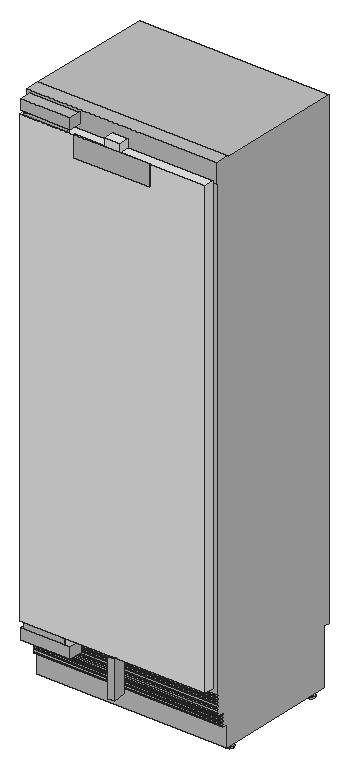
Revit family "FP-Revit18-RS7621SLHK1-Fridge-0-AU-NZ-90001115A", category Specialty Equipment, Revit 2020
Family settings
  Round Connector Dimension = Use Diameter
  Part Type = Normal
  OmniClass Number = 23.40.40.11.11
  OmniClass Title = Refrigerators and Freezers
  Work Plane-Based = No
  Always vertical = Yes
  Cut with Voids When Loaded = Yes
  Shared = No
  Room Calculation Point = No
Parameters (values of type "RS7621SLHE1")
  Visibility - Water Connection = yes
  Visibility - Visibility Control Note = yes
  Visibility - Clearance Required = yes
  URL = "www.fisherpaykel.com"
  Stainless Steel Door Panels (RD7621L10D) = no
  Product - Width = 756 mm  # constant formula
  Product - Height = 2134 mm  # constant formula
  Product - Depth (exl front panel) = 610 mm  # constant formula
  Model = "RS7621SLHE1"
  Material - Handle = Fisher & Paykel - Aluminium
  Material - Door Structure = Fisher & Paykel - White
  Material - Door Front = Fisher & Paykel - Stainless Steel
  Material - Body = Fisher & Paykel - Grey
  Manufacturer = "Fisher & Paykel Appliances"
  Handle Style - Contemporary Square (AHD3-RD21) = no
  Handle Style - Contemporary Round (AHS-RD21) = no
  Description = "76cm Integrated Column Refrigerator with internal water, stainless steel interior"
  Default Elevation = 0 mm
  Connector Description - Water = "1/2 BSP Stainless steel braided hose"
  Connector Description - Electrical = "230 V,10 A fused electrical supply"
  Cavity - Width = 762 mm  # constant formula
  Cavity - Height = 2134 mm  # constant formula
  Cavity - Depth = 650 mm  # constant formula
Types (3, lengths in mm): name | Visibility - Water Connection | Model | Description | Connector Description - Water
  (no name) | yes | "RS7621SLHE1" | "76cm Integrated Column Refrigerator with internal water, stainless steel interior" | "1/2 BSP Stainless steel braided hose"
  RS7621SLK1 | no | "RS7621SLK1" | "76cm Integrated Column Refrigerator, stainless steel interior" | "Water Supply not required"
  RS7621SLHE1 | yes | "RS7621SLHE1" | "76cm Integrated Column Refrigerator with internal water, stainless steel interior" | "1/2 BSP Stainless steel braided hose"
Reference planes
  plane 1 "Datum": y = 0
  plane 2: z = 0
  plane 3 "Center (Left/Right)": x = 0
  plane 4 "Product LHS": x = -378
  plane 5 "Product RHS": x = 378
  plane 6 "Product - Depth": y = 610
  plane 7 "Cavity LHS": x = -381
  plane 8 "Cavity RHS": x = 381
  plane 9 "Cavity - Depth": y = 628
  plane 10 "Handle Offset": x = 315
  plane 11 "Product Height": z = 2134
  plane 12 "Cavity Height": z = 2134
  plane 13 "Door Panel Datum": y = -4.1
Forms (mm)
  Extrusion 1, solid, material "Fisher & Paykel - Grey" <- "Material - Body", detail levels fine
    sketch origin (0, 0, 0) x (0, 1, 0) y (0, 0, 1)
      loop
        line (100.1, 19.1) -> (587.9, 19.1) -> (587.9, 239.7) -> (610, 239.7) -> (610, 2131.9) -> (105.1, 2131.9) -> (105.1, 2134) -> (49.9, 2134) -> (49.9, 2059) -> (56, 2059) -> (56, 228.6) -> (59.5, 228.6) -> (59.5, 219.7) -> (56.5, 219.7) -> (56.5, 215.9) -> (59.5, 215.9) -> (59.5, 207) -> (56.5, 207) -> (56.5, 203.2) -> (59.5, 203.2) -> (59.5, 194.3) -> (56.5, 194.3) -> (56.5, 190.5) -> (59.5, 190.5) -> (59.5, 181.6) -> (56.5, 181.6) -> (56.5, 177.8) -> (59.5, 177.8) -> (59.5, 168.9) -> (56.5, 168.9) -> (56.5, 165.1) -> (59.5, 165.1) -> (59.5, 156.2) -> (56.5, 156.2) -> (56.5, 152.4) -> (84.1, 152.4) -> (84.1, 143.5) -> (81.1, 143.5) -> (81.1, 139.7) -> (84.1, 139.7) -> (84.1, 130.8) -> (81.1, 130.8) -> (81.1, 127) -> (84.1, 127) -> (84.1, 118.1) -> (81.1, 118.1) -> (81.1, 114.3) -> (84.1, 114.3) -> (84.1, 105.4) -> (81.1, 105.4) -> (81.1, 101.6) -> (100.1, 101.6) -> (100.1, 19.1)
    from -378 to 378
  Extrusion 2, solid, material "Fisher & Paykel - Grey" <- "Material - Body"
    sketch origin (0, 0, 0) x (1, 0, 0) y (0, 1, 0)
      loop
        circle (-357.5, 547.8) r 4.1
      loop
        circle (-357.5, 141.8) r 4.1
      loop
        circle (357.5, 547.8) r 4.1
      loop
        circle (357.5, 141.8) r 4.1
    from 3 to 19.1
  Extrusion 3, solid, material "Fisher & Paykel - Grey" <- "Material - Body"
    sketch origin (0, 0, 0) x (1, 0, 0) y (0, 1, 0)
      loop
        circle (-357.5, 547.8) r 14.5
      loop
        circle (-357.5, 141.8) r 14.555
      loop
        circle (357.5, 547.8) r 14.5
      loop
        circle (357.5, 141.8) r 14.555
    from 0 to 3
  Extrusion 4, solid, material "Fisher & Paykel - Grey" <- "Material - Body", detail levels fine
    sketch origin (0, 0, 0) x (1, 0, 0) y (0, 1, 0)
      loop
        line (-7.5, 49) -> (-13.797, -4.1) -> (13.797, -4.1) -> (7.5, 49) -> (-7.5, 49)
    from 104.2 to 254.2
  Extrusion 5, solid, material "Fisher & Paykel - Grey" <- "Material - Body", detail levels fine
    sketch origin (0, 0, 0) x (0, 1, 0) y (0, 0, 1)
      loop
        line (0, 2070.6) -> (0, 1988.6) -> (2, 1988.6) -> (2, 2068.6) -> (4, 2068.6) -> (4, 2070.6) -> (0, 2070.6)
    from -150 to 150
  Extrusion 6, solid, material "Fisher & Paykel - Grey" <- "Material - Body"
    sketch origin (0, 0, 0) x (1, 0, 0) y (0, 0, 1)
      loop
        circle (303, 119.813) r 5
      loop
        circle (-303, 119.813) r 5
    from -590 to -587.9
  Extrusion 7, solid, material "Fisher & Paykel - White" <- "Material - Door Structure"
    sketch origin (0, 0, 0) x (1, 0, 0) y (0, 1, 0)
      loop
        line (-353, 56) -> (-353, 42) -> (353, 42) -> (353, 56) -> (-353, 56)
    from 269.6 to 2030.7
  Extrusion 8, solid, material "Fisher & Paykel - White" <- "Material - Door Structure"
    sketch origin (0, 0, 0) x (1, 0, 0) y (0, 1, 0)
      loop
        line (-369.4, 42) -> (-369.4, 3) -> (369.4, 3) -> (369.4, 42) -> (-369.4, 42)
    from 254.2 to 2068.6
  Extrusion 9, solid, material "Fisher & Paykel - White" <- "Material - Door Structure", detail levels fine
    sketch origin (0, 0, 0) x (1, 0, 0) y (0, 0, 1)
      loop
        line (-29.5, 2100.1) -> (-29.5, 2068.6) -> (29.5, 2068.6) -> (29.5, 2100.1) -> (-29.5, 2100.1)
    from -42 to -3
  Extrusion 10, solid, material "Fisher & Paykel - Stainless Steel" <- "Material - Door Front", visible <- "Stainless Steel Door Panels (RD7621L10D)"
    sketch origin (0, 0, 0) x (0, 1, 0) y (0, 0, 1)
      loop
        line (-22.1, 2130.8) -> (-22.1, 102) -> (-4.1, 102) -> (-4.1, 2130.8) -> (-22.1, 2130.8)
    from -378 to 378
  Extrusion 11, solid, material "Fisher & Paykel - Grey" <- "Material - Body", detail levels coarse+medium
    sketch origin (0, 0, 0) x (0, 1, 0) y (0, 0, 1)
      loop
        line (49.9, 2134) -> (49.9, 2059) -> (56, 2059) -> (56, 152.4) -> (81.1, 152.4) -> (81.1, 101.6) -> (100.1, 101.6) -> (100.1, 19.1) -> (587.9, 19.1) -> (587.9, 239.7) -> (610, 239.7) -> (610, 2134) -> (49.9, 2134)
    from -378 to 378
  Extrusion 12, solid, material "Fisher & Paykel - Grey" <- "Material - Body", detail levels fine
    sketch origin (0, 0, 0) x (-1, 0, 0) y (0, 0, -1)
      loop
        line (366.4, -187.65) -> (168.42, -187.65) -> (168.42, -229.75) -> (366.4, -229.75) -> (366.4, -187.65)
    from -56 to -2.5
  Extrusion 13, solid, material "Fisher & Paykel - Grey" <- "Material - Body", detail levels fine
    sketch origin (0, 0, 0) x (-1, 0, 0) y (0, 0, -1)
      loop
        line (366.4, -2123.15) -> (366.4, -2081.05) -> (168.42, -2081.05) -> (168.42, -2123.15) -> (366.4, -2123.15)
    from -49 to -2.5
  Extrusion 14, solid, material "Fisher & Paykel - Grey" <- "Material - Body", detail levels fine
    sketch origin (0, 0, -4) x (0, 1, 0) y (0, 0, 1)
      loop
        arc (163.888, 23.1) -> (180.4, 13.63) -> (196.912, 23.1) r 19.13
        line (196.912, 23.1) -> (163.888, 23.1)
      loop
        arc (493.888, 23.1) -> (510.4, 13.63) -> (526.912, 23.1) r 19.13
        line (526.912, 23.1) -> (493.888, 23.1)
    from 191 to 219
  Extrusion 15, solid, material "Fisher & Paykel - Grey" <- "Material - Body", detail levels fine
    sketch origin (0, 0, -4) x (0, 1, 0) y (0, 0, -1)
      loop
        line (163.888, -23.1) -> (196.912, -23.1)
        arc (196.912, -23.1) -> (180.4, -13.63) -> (163.888, -23.1) r 19.13
      loop
        line (493.888, -23.1) -> (526.912, -23.1)
        arc (526.912, -23.1) -> (510.4, -13.63) -> (493.888, -23.1) r 19.13
    from 191 to 219
  Extrusion 16, solid, material "Fisher & Paykel - Clearance Required", visible <- "Visibility - Clearance Required", detail levels coarse
    sketch origin (0, 0, 0) x (1, 0, 0) y (0, 1, 0)
      loop
        line (-381, 628) -> (-381, -4.1) -> (381, -4.1) -> (381, 628) -> (-381, 628)
    from 0 to 2134
  Extrusion 17, void
    sketch origin (0, 0, 0) x (1, 0, 0) y (0, 1, 0)
      loop
        line (-381, 628) -> (-381, -22.1) -> (381, -22.1) -> (381, 628) -> (-381, 628)
    from 0 to 2134
  Extrusion 18, solid, material "Fisher & Paykel - Grey" <- "Material - Body", detail levels fine
    sketch origin (-73, 0, 0) x (-1, 0, 0) y (0, 0, -1)
      loop
        line (118.4, -254.2) -> (282.9, -254.2) -> (282.9, -229.75) -> (118.4, -229.75) -> (118.4, -254.2)
      loop
        line (106, -2081.05) -> (242.9, -2081.05) -> (282.9, -2076.05) -> (282.9, -2068.6) -> (106, -2068.6) -> (106, -2081.05)
    from -7 to -4
  Extrusion 19, solid, material "Fisher & Paykel - Clearance Required", visible <- "Visibility - Clearance Required", detail levels coarse
    sketch origin (0, 0, 0) x (-1, 0, 0) y (0, -1, 0)
      loop
        line (-328.5, 22) -> (378.07, 22)
        arc (378.07, 22) -> (380.987, 57.006) -> (415.929, 60.595) r 27.504
        line (415.929, 60.595) -> (697.006, 665.395) -> (723.253, 653.197)
        arc (723.253, 653.197) -> (747.815, 662.137) -> (738.875, 686.699) r 18.483
        line (738.875, 686.699) -> (712.602, 698.95) -> (734.607, 746.265)
        arc (734.607, 746.265) -> (-22.041, 691.901) -> (-377.998, 22) r 783.526
        line (-377.998, 22) -> (-328.5, 22)
    from 0 to 2134
Lines and regions (mm)
  model lines, style "Fisher & Paykel"
    curve 1: line (-378, -4.1, 2130.8) -> (378, -4.1, 2130.8)
    curve 2: line (-378, -4.1, 102) -> (-378, -4.1, 2130.8)
    curve 3: line (378, -4.1, 102) -> (-378, -4.1, 102)
    curve 4: line (378, -4.1, 2130.8) -> (378, -4.1, 102)
Text (mm)
  text "Due to ongoing product development, product details are subject to change without notice. \nPlease always refer to www.fisherpaykel.com for the most current product information. \n© Fisher & Paykel 2020" at (41.04, -848.295, 0), in view "Ref. Level (Plan)"
Dimensions and locks
  equal spacing: plane 4 "Product LHS", plane 3 "Center (Left/Right)", plane 5 "Product RHS"
  "Product - Width": plane 4 "Product LHS" to plane 5 "Product RHS"
  "Product - Depth (exl front panel)": plane 1 "Datum" to plane 6 "Product - Depth"
  equal spacing: plane 7 "Cavity LHS", plane 3 "Center (Left/Right)", plane 8 "Cavity RHS"
  "Cavity - Width": plane 7 "Cavity LHS" to plane 8 "Cavity RHS"
  plane 4 "Product LHS" to Extrusion 2 sketch curve = 24.6 mm
  Extrusion 6 sketch curve to Extrusion 1 = 119.887 mm  (x2)
  Extrusion 6 sketch curve to plane 5 "Product RHS" = 75 mm
  plane 4 "Product LHS" to Extrusion 6 sketch curve = 75 mm
  Extrusion 1 sketch curve to Extrusion 1 sketch curve = 82.5 mm
  Extrusion 1 sketch curve to Extrusion 1 sketch curve = 209.5 mm
  Extrusion 1 sketch curve to Extrusion 1 sketch curve = 220.6 mm
  Extrusion 3 to level = 3 mm
  Extrusion 11 to Extrusion 8 = 235.1 mm
  Extrusion 11 to Extrusion 7 = 250.5 mm
  Extrusion 11 to Extrusion 11 = 2114.9 mm
  Extrusion 11 to Extrusion 10 = 82.9 mm
  "Product - Height": level to plane 11 "Product Height"
  plane 11 "Product Height" to Extrusion 10 = 3.2 mm
  Extrusion 8 to plane 11 "Product Height" = 65.4 mm
  Extrusion 7 to plane 11 "Product Height" = 103.3 mm
  Extrusion 11 sketch curve to plane 11 "Product Height" = 75 mm
  Extrusion 1 sketch curve to plane 11 "Product Height" = 2.1 mm
  Extrusion 1 sketch curve to plane 11 "Product Height" = 75 mm
  "Cavity - Height": plane 12 "Cavity Height" to level
  Extrusion 18 sketch curve to Extrusion 18 sketch curve = 40 mm
  Extrusion 18 sketch curve to Extrusion 18 sketch curve = 176.9 mm
  plane 3 "Center (Left/Right)" to Extrusion 18 sketch curve = 179 mm
  plane 3 "Center (Left/Right)" to Extrusion 18 sketch curve = 191.4 mm
  plane 3 "Center (Left/Right)" to Extrusion 18 sketch curve = 355.9 mm
  plane 3 "Center (Left/Right)" to Extrusion 13 sketch curve = 168.42 mm
  plane 3 "Center (Left/Right)" to Extrusion 12 sketch curve = 168.42 mm
  "Cavity - Depth": Extrusion 17 to Extrusion 19
  Extrusion 19 to plane 1 "Datum" = 22 mm
  radius of Extrusion 6 sketch curve = 5 mm
  aligned and locked: level to plane 2
  aligned and locked: Extrusion 10 to plane 5 "Product RHS"
  aligned and locked: plane 4 "Product LHS" to Extrusion 10
  aligned and locked: Extrusion 11 to plane 5 "Product RHS"
  aligned and locked: Extrusion 11 to plane 4 "Product LHS"
  aligned and locked: Extrusion 11 sketch curve to plane 11 "Product Height"
  aligned and locked: plane 11 "Product Height" to Extrusion 1 sketch curve
  aligned and locked: Extrusion 14 sketch curve to Extrusion 14 sketch curve
  aligned and locked: Extrusion 15 sketch curve to Extrusion 15 sketch curve
  aligned and locked: Extrusion 1 to plane 5 "Product RHS"
  aligned and locked: plane 4 "Product LHS" to Extrusion 1
  aligned and locked: Extrusion 11 sketch curve to Extrusion 1  (x4)
  aligned and locked: Extrusion 2 to Extrusion 1
  aligned and locked: nested 2 to plane 10 "Handle Offset"
  aligned and locked: nested 3 to plane 10 "Handle Offset"
Automatic sketch dimensions
  plane 1 "Datum" to Extrusion 4 sketch curve = 4.1 mm
  Extrusion 4 sketch curve to plane 3 "Center (Left/Right)" = 13.797 mm
  Extrusion 4 sketch curve to plane 3 "Center (Left/Right)" = 7.5 mm
  plane 3 "Center (Left/Right)" to Extrusion 4 sketch curve = 7.5 mm
  plane 3 "Center (Left/Right)" to Extrusion 4 sketch curve = 13.797 mm
  Extrusion 4 sketch curve to plane 1 "Datum" = 49 mm
  Extrusion 5 sketch curve to plane 1 "Datum" = 0 mm
  Extrusion 5 sketch curve to plane 1 "Datum" = 2 mm
  Extrusion 5 sketch curve to Extrusion 5 sketch curve = 2 mm  (x2)
  plane 11 "Product Height" to Extrusion 5 sketch curve = 145.4 mm
  plane 11 "Product Height" to Extrusion 5 sketch curve = 65.4 mm
  Extrusion 9 sketch curve to plane 3 "Center (Left/Right)" = 29.5 mm
  plane 3 "Center (Left/Right)" to Extrusion 9 sketch curve = 29.5 mm
  plane 11 "Product Height" to Extrusion 9 sketch curve = 65.4 mm
  Extrusion 9 sketch curve to Extrusion 9 sketch curve = 31.5 mm
  Extrusion 16 sketch curve to plane 7 "Cavity LHS" = 0 mm
  Extrusion 16 sketch curve to plane 8 "Cavity RHS" = 0 mm
  Extrusion 16 sketch curve to plane 9 "Cavity - Depth" = 0 mm
  plane 1 "Datum" to Extrusion 16 sketch curve = 4.1 mm
  Extrusion 17 sketch curve to plane 7 "Cavity LHS" = 0 mm
  Extrusion 17 sketch curve to plane 8 "Cavity RHS" = 0 mm
  plane 9 "Cavity - Depth" to Extrusion 17 sketch curve = 0 mm
  plane 1 "Datum" to Extrusion 17 sketch curve = 22.1 mm
  Extrusion 1 sketch curve to plane 6 "Product - Depth" = 0 mm
  Extrusion 1 sketch curve to Extrusion 1 sketch curve = 22.1 mm
  Extrusion 1 sketch curve to plane 1 "Datum" = 105.1 mm
  level to Extrusion 1 sketch curve = 19.1 mm
  Extrusion 1 sketch curve to plane 1 "Datum" = 100.1 mm
  Extrusion 1 sketch curve to Extrusion 1 sketch curve = 16 mm
  Extrusion 1 sketch curve to Extrusion 1 sketch curve = 0 mm  (x8)
  Extrusion 1 sketch curve to Extrusion 1 sketch curve = 3 mm  (x10)
  Extrusion 1 sketch curve to plane 1 "Datum" = 59.5 mm
  Extrusion 1 sketch curve to plane 1 "Datum" = 56 mm
  Extrusion 1 sketch curve to plane 1 "Datum" = 49.9 mm
  Extrusion 1 sketch curve to Extrusion 1 sketch curve = 3.8 mm  (x10)
  Extrusion 1 sketch curve to Extrusion 1 sketch curve = 8.9 mm  (x9)
  Extrusion 2 sketch curve to plane 4 "Product LHS" = 20.5 mm  (x2)
  plane 5 "Product RHS" to Extrusion 2 sketch curve = 20.5 mm  (x2)
  Extrusion 2 sketch curve to plane 1 "Datum" = 141.8 mm  (x2)
  Extrusion 2 sketch curve to plane 6 "Product - Depth" = 62.2 mm  (x2)
  Extrusion 3 sketch curve to plane 4 "Product LHS" = 20.5 mm  (x2)
  plane 5 "Product RHS" to Extrusion 3 sketch curve = 20.5 mm  (x2)
  Extrusion 3 sketch curve to plane 1 "Datum" = 141.8 mm  (x2)
  Extrusion 3 sketch curve to plane 6 "Product - Depth" = 62.2 mm  (x2)
  Extrusion 7 sketch curve to plane 4 "Product LHS" = 25 mm
  plane 5 "Product RHS" to Extrusion 7 sketch curve = 25 mm
  Extrusion 7 sketch curve to plane 1 "Datum" = 42 mm
  Extrusion 7 sketch curve to Extrusion 7 sketch curve = 14 mm
  Extrusion 8 sketch curve to plane 1 "Datum" = 3 mm
  Extrusion 8 sketch curve to plane 4 "Product LHS" = 8.6 mm
  plane 5 "Product RHS" to Extrusion 8 sketch curve = 8.6 mm
  Extrusion 8 sketch curve to Extrusion 8 sketch curve = 39 mm
  plane 1 "Datum" to Extrusion 10 sketch curve = 22.1 mm
  plane 1 "Datum" to Extrusion 10 sketch curve = 4.1 mm
  level to Extrusion 10 sketch curve = 102 mm
  plane 11 "Product Height" to Extrusion 10 sketch curve = 3.2 mm
  Extrusion 11 sketch curve to plane 6 "Product - Depth" = 0 mm
  Extrusion 11 sketch curve to plane 6 "Product - Depth" = 22.1 mm
  Extrusion 11 sketch curve to plane 1 "Datum" = 100.1 mm
  Extrusion 11 sketch curve to Extrusion 11 sketch curve = 19 mm
  Extrusion 11 sketch curve to plane 1 "Datum" = 56 mm
  Extrusion 11 sketch curve to plane 1 "Datum" = 49.9 mm
  Extrusion 11 sketch curve to Extrusion 11 sketch curve = 50.8 mm
  plane 4 "Product LHS" to Extrusion 12 sketch curve = 11.6 mm
  Extrusion 12 sketch curve to level = 187.65 mm
  Extrusion 12 sketch curve to Extrusion 12 sketch curve = 42.1 mm
  plane 4 "Product LHS" to Extrusion 13 sketch curve = 11.6 mm
  Extrusion 13 sketch curve to plane 11 "Product Height" = 52.95 mm
  Extrusion 13 sketch curve to plane 11 "Product Height" = 10.85 mm
  level to Extrusion 14 sketch curve = 19.1 mm
  Extrusion 14 sketch curve to plane 1 "Datum" = 163.888 mm
  Extrusion 14 sketch curve to Extrusion 14 sketch curve = 16.512 mm  (x2)
  Extrusion 14 sketch curve to plane 6 "Product - Depth" = 116.112 mm
  Extrusion 14 sketch curve to Extrusion 14 sketch curve = 9.66 mm  (x2)
  level to Extrusion 15 sketch curve = 19.1 mm
  Extrusion 15 sketch curve to plane 1 "Datum" = 163.888 mm
  Extrusion 15 sketch curve to Extrusion 15 sketch curve = 16.512 mm  (x2)
  Extrusion 15 sketch curve to plane 6 "Product - Depth" = 116.112 mm
  Extrusion 15 sketch curve to Extrusion 15 sketch curve = 9.66 mm  (x2)
  Extrusion 18 sketch curve to level = 229.75 mm
  Extrusion 18 sketch curve to Extrusion 18 sketch curve = 24.45 mm
  Extrusion 18 sketch curve to plane 11 "Product Height" = 65.4 mm
  Extrusion 18 sketch curve to Extrusion 18 sketch curve = 7.45 mm
  Extrusion 18 sketch curve to Extrusion 18 sketch curve = 5 mm
  Extrusion 19 sketch curve to plane 5 "Product RHS" = 0.002 mm
  plane 10 "Handle Offset" to Extrusion 19 sketch curve = 13.5 mm
  Extrusion 19 sketch curve to plane 4 "Product LHS" = 0.07 mm
  Extrusion 19 sketch curve to plane 7 "Cavity LHS" = 19.621 mm
  Extrusion 19 sketch curve to Extrusion 19 sketch curve = 4.795 mm
  Extrusion 19 sketch curve to Extrusion 19 sketch curve = 10.514 mm
  Extrusion 19 sketch curve to plane 7 "Cavity LHS" = 316.006 mm
  Extrusion 19 sketch curve to Extrusion 19 sketch curve = 15.596 mm
  Extrusion 19 sketch curve to Extrusion 19 sketch curve = 26.247 mm
  Extrusion 19 sketch curve to Extrusion 19 sketch curve = 7.811 mm  (x2)
  Extrusion 19 sketch curve to Extrusion 19 sketch curve = 22.005 mm
  Extrusion 19 sketch curve to plane 1 "Datum" = 746.265 mm
  Extrusion 19 sketch curve to Extrusion 19 sketch curve = 47.315 mm
  Extrusion 19 sketch curve to Extrusion 19 sketch curve = 12.251 mm
  Extrusion 19 sketch curve to Extrusion 19 sketch curve = 16.751 mm
  Extrusion 19 sketch curve to Extrusion 19 sketch curve = 12.198 mm
  Extrusion 19 sketch curve to Extrusion 19 sketch curve = 22.85 mm
  plane 5 "Product RHS" to curve 1 = 0 mm
  plane 4 "Product LHS" to curve 3 = 0 mm
  level to curve 3 = 102 mm
  plane 11 "Product Height" to curve 2 = 3.2 mm
  radius of Extrusion 2 sketch curve = 4.1 mm  (x3)
  radius of Extrusion 3 sketch curve = 14.5 mm  (x2)
  radius of Extrusion 3 sketch curve = 14.555 mm  (x2)
  radius of Extrusion 6 sketch curve = 5 mm
Nested families
  nested 1: "Visibility Control Note 18" at (0, 0, 0), visible <- "Visibility - Visibility Control Note", type "Visibility Control Note 18"
  nested 2: "Handle Contemporary Round - Vertical" at (315, -22.1, 1242.58), visible <- "Handle Style - Contemporary Round (AHS-RD21)", type "AHS-RD21 - Contemporary round handle (Vertical) 852mm"
  nested 3: "Handle Contemporary Square - Vertical" at (315, -22.1, 1242.58), visible <- "Handle Style - Contemporary Square (AHD3-RD21)", type "AHD3-RD21 - Contemporary square handle (Vertical) 852mm"
Connectors
  electrical at (-303, 590, 119.813), driven by "Connector Description - Electrical"
    settings: on Extrusion 6, index 1, voltage 230 V, apparent load 0 VA, apparent load phase1 0 VA, apparent load phase2 0 VA, apparent load phase3 0 VA, power factor 1, load classification "Other", number of poles 1, system type 30, power factor state 1, is connector primary yes, connector utility no, sub classification motor no, connector description "230 V,10 A fused electrical supply"
  piping at (303, 590, 119.813), diameter 12.7, driven by "Visibility - Water Connection", driven by "Connector Description - Water"
    settings: on Extrusion 6, index 2, connector inside diameter 609.6 mm, connector length 0 mm, flow factor 0, pipe flow 0.0 L/s, pressure drop 0.0 Pa, fitting loss kfactor 0, connector angle 0.00°, fixture units 0, engagement length 0 mm, angle of deflection 0.00°, flow configuration 0, flow direction 1, fitting loss method 0, system type 20, joint type 0, gender type 0, connector reference index -1, connector utility 1, adjustable connector no, is connector primary yes, connector description "1/2 BSP Stainless steel braided hose"
Definition of nested family "Handle Contemporary Round - Vertical"
  Parameters (values of type "AHSRS80A - Contemporary round handle (1 of 2) (Vertical) 727mm")
    URL = "www.fisherpaykel.com"
    Material - Handle = none
    Manufacturer = "Fisher & Paykel Appliances"
    Handle - Length = 727 mm
    Default Elevation = 0 mm
  Types (6, lengths in mm): name | Handle - Length
    AHS-RD21 - Contemporary round handle (Vertical) 852mm | 852
    AHSRD2484W - Contemporary round handle (1 of 2) (Vertical) 727mm | 727
    AHSRD3084W - Contemporary round handle (1 of 2) (Vertical) 727mm | 727
    AHS-RD84 - Contemporary round handle (Vertical) 852mm | 852
    AHSRS3272A - Contemporary round handle (1 of 2) (Vertical) 727mm | 727
    AHSRS80A - Contemporary round handle (1 of 2) (Vertical) 727mm | 727
  Reference planes
    plane 1 "Center (Front/Back)": y = 0
    plane 2: z = 0
    plane 3 "Center (Left/Right)": x = 0
    plane 4 "Top": z = 363.5
    plane 5 "Bottom": z = -363.5
    plane 6 "Top Standoff": z = 243.5
    plane 7 "Bottom Standoff": z = -243.5
  Forms (mm)
    Extrusion 1, solid, material <- "Material - Handle"
      sketch origin (0, 0, 0) x (1, 0, 0) y (0, 1, 0)
        loop
          circle (0, -32.3) r 8.7
      from -243.5 to 243.5
    Extrusion 2, solid, material <- "Material - Handle", detail levels fine
      sketch origin (0, 0, 0) x (1, 0, 0) y (0, 1, 0)
        loop
          line (-8.7, 0) -> (-8.7, -32.3)
          arc (-8.7, -32.3) -> (0, -41) -> (8.7, -32.3) r 8.7
          line (8.7, -32.3) -> (8.7, 0) -> (-8.7, 0)
      from 243.5 to 363.5
    Extrusion 3, solid, material <- "Material - Handle", detail levels fine
      sketch origin (0, 0, 0) x (1, 0, 0) y (0, 1, 0)
        loop
          line (-8.7, 0) -> (-8.7, -32.3)
          arc (-8.7, -32.3) -> (0, -41) -> (8.7, -32.3) r 8.7
          line (8.7, -32.3) -> (8.7, 0) -> (-8.7, 0)
      from -363.5 to -243.5
    Sweep 4, void
      path in 3D
        loop
          line (8.7, 0, -363.5) -> (8.7, -32.3, -363.5)
          arc (8.7, -32.3, -363.5) -> (0, -41, -363.5) -> (-8.7, -32.3, -363.5) r 8.7
          line (-8.7, -32.3, -363.5) -> (-8.7, 0, -363.5)
      profile origin (8.7, -16.15, -363.5) x (-1, 0, 0) y (0, 0, -1)
        loop
          line (0, 0) -> (0, -1) -> (1, 0) -> (0, 0)
    Sweep 5, void
      path in 3D
        loop
          line (-8.7, 0, 363.5) -> (-8.7, -32.3, 363.5)
          arc (-8.7, -32.3, 363.5) -> (0, -41, 363.5) -> (8.7, -32.3, 363.5) r 8.7
          line (8.7, -32.3, 363.5) -> (8.7, 0, 363.5)
      profile origin (8.7, -16.15, 363.5) x (-1, 0, 0) y (0, 0, 1)
        loop
          line (0, 0) -> (0, -1) -> (1, 0) -> (0, 0)
    Extrusion 6, solid, material <- "Material - Handle", detail levels coarse+medium
      sketch origin (0, 0, 0) x (1, 0, 0) y (0, 1, 0)
        loop
          line (-8.7, 0) -> (-8.7, -32.3)
          arc (-8.7, -32.3) -> (0, -41) -> (8.7, -32.3) r 8.7
          line (8.7, -32.3) -> (8.7, 0) -> (-8.7, 0)
      from 243.5 to 363.5
    Extrusion 7, solid, material <- "Material - Handle", detail levels coarse+medium
      sketch origin (0, 0, 0) x (1, 0, 0) y (0, 1, 0)
        loop
          line (-8.7, 0) -> (-8.7, -32.3)
          arc (-8.7, -32.3) -> (0, -41) -> (8.7, -32.3) r 8.7
          line (8.7, -32.3) -> (8.7, 0) -> (-8.7, 0)
      from -363.5 to -243.5
  Cuts and joins
    Sweep 4 cuts Extrusion 3
    Sweep 5 cuts Extrusion 2
  Lines and regions (mm)
    sketch lines
      curve 1: line (8.7, 0, -363.5) -> (8.7, -32.3, -363.5)
      curve 2: arc (-8.7, -32.3, -363.5) -> (0, -41, -363.5) -> (8.7, -32.3, -363.5) r 8.7
      curve 3: line (-8.7, -32.3, -363.5) -> (-8.7, 0, -363.5)
      curve 4: line (8.7, -32.3, 363.5) -> (8.7, 0, 363.5)
      curve 5: arc (8.7, -32.3, 363.5) -> (0, -41, 363.5) -> (-8.7, -32.3, 363.5) r 8.7
      curve 6: line (-8.7, 0, 363.5) -> (-8.7, -32.3, 363.5)
  Dimensions and locks
    equal spacing: plane 4 "Top", level, plane 5 "Bottom"
    "Handle - Length": plane 4 "Top" to plane 5 "Bottom"
    locked: plane 4 "Top" to plane 6 "Top Standoff" at 120
    locked: plane 7 "Bottom Standoff" to plane 5 "Bottom" at 120
    Extrusion 2 sketch curve to Extrusion 2 sketch curve = 17.4 mm
    Extrusion 3 sketch curve to Extrusion 3 sketch curve = 17.4 mm
    Extrusion 6 sketch curve to Extrusion 6 sketch curve = 17.4 mm
    Extrusion 7 sketch curve to Extrusion 7 sketch curve = 17.4 mm
    aligned and locked: level to plane 2
    aligned and locked: plane 4 "Top" to Extrusion 2
    aligned and locked: Extrusion 3 to plane 5 "Bottom"
    aligned and locked: plane 7 "Bottom Standoff" to Extrusion 3
    aligned and locked: Extrusion 1 to plane 7 "Bottom Standoff"
    aligned and locked: plane 6 "Top Standoff" to Extrusion 1
    aligned and locked: Extrusion 2 to Extrusion 1
    aligned and locked: Extrusion 6 to Extrusion 1
    aligned and locked: plane 4 "Top" to Extrusion 6
    aligned and locked: Extrusion 7 to Extrusion 1
    aligned and locked: Extrusion 7 to plane 5 "Bottom"
  Automatic sketch dimensions
    Extrusion 1 sketch curve to plane 3 "Center (Left/Right)" = 0 mm
    plane 1 "Center (Front/Back)" to Extrusion 1 sketch curve = 32.3 mm
    plane 1 "Center (Front/Back)" to Extrusion 2 sketch curve = 0 mm
    Extrusion 2 sketch curve to plane 3 "Center (Left/Right)" = 0 mm
    Extrusion 2 sketch curve to plane 3 "Center (Left/Right)" = 8.7 mm
    plane 1 "Center (Front/Back)" to Extrusion 2 sketch curve = 32.3 mm
    plane 1 "Center (Front/Back)" to Extrusion 3 sketch curve = 0 mm
    Extrusion 3 sketch curve to plane 3 "Center (Left/Right)" = 0 mm
    Extrusion 3 sketch curve to plane 3 "Center (Left/Right)" = 8.7 mm
    plane 1 "Center (Front/Back)" to Extrusion 3 sketch curve = 32.3 mm
    Sweep 4 sketch curve to profile plane = 0 mm  (x2)
    Sweep 4 sketch curve to profile plane = 1 mm  (x2)
    Sweep 5 sketch curve to profile plane = 0 mm  (x2)
    Sweep 5 sketch curve to profile plane = 1 mm  (x2)
    Extrusion 6 sketch curve to plane 3 "Center (Left/Right)" = 0 mm
    Extrusion 6 sketch curve to plane 3 "Center (Left/Right)" = 8.7 mm
    plane 1 "Center (Front/Back)" to Extrusion 6 sketch curve = 32.3 mm
    Extrusion 6 sketch curve to Extrusion 6 sketch curve = 32.3 mm
    Extrusion 7 sketch curve to plane 3 "Center (Left/Right)" = 0 mm
    Extrusion 7 sketch curve to plane 3 "Center (Left/Right)" = 8.7 mm
    plane 1 "Center (Front/Back)" to Extrusion 7 sketch curve = 32.3 mm
    Extrusion 7 sketch curve to Extrusion 7 sketch curve = 32.3 mm
    radius of Extrusion 1 sketch curve = 8.7 mm
Definition of nested family "Handle Contemporary Square - Vertical"
  Parameters (values of type "AHD3RS80A - Contemporary square handle (1 of 2) (Vertical) 727mm")
    URL = "www.fisherpaykel.com"
    Material - Handle = none
    Manufacturer = "Fisher & Paykel Appliances"
    Handle - Length = 727 mm
    Default Elevation = 0 mm
  Types (7, lengths in mm): name | Handle - Length
    (no name) | 727
    AHD3-RD21 - Contemporary square handle (Vertical) 852mm | 852
    AHD3RD2484W - Contemporary square handle (1 of 2) (Vertical) 727mm | 727
    AHD3RD3084W - Contemporary square handle (1 of 2) (Vertical) 727mm | 727
    AHD3-RD84 - Contemporary square handle (Vertical) 852mm | 852
    AHD3RS3272A - Contemporary square handle (1 of 2) (Vertical) 727mm | 727
    AHD3RS80A - Contemporary square handle (1 of 2) (Vertical) 727mm | 727
  Reference planes
    plane 1 "Center (Front/Back)": y = 0
    plane 2: z = 0
    plane 3 "Center (Left/Right)": x = 0
    plane 4 "Top": z = 363.5
    plane 5 "Bottom": z = -363.5
    plane 6 "Top Standoff": z = 243.5
    plane 7 "Bottom Standoff": z = -243.5
  Forms (mm)
    Extrusion 1, solid, material <- "Material - Handle", detail levels fine
      sketch origin (0, 0, 0) x (1, 0, 0) y (0, 1, 0)
        loop
          arc (-7.583, -28.701) -> (-7.89, -29.057) -> (-8, -29.514) r 1
          line (-8, -29.514) -> (-8, -40.5)
          arc (-8, -40.5) -> (-7.561, -41.561) -> (-6.5, -42) r 1.5
          line (-6.5, -42) -> (6.5, -42)
          arc (6.5, -42) -> (7.561, -41.561) -> (8, -40.5) r 1.5
          line (8, -40.5) -> (8, -29.487)
          arc (8, -29.487) -> (7.889, -29.029) -> (7.58, -28.673) r 1
          arc (7.58, -28.673) -> (-0.006, -26.256) -> (-7.583, -28.701) r 13.038
      from -363.5 to 363.5
    Extrusion 2, solid, material <- "Material - Handle", detail levels fine
      sketch origin (0, 0, 0) x (1, 0, 0) y (0, 1, 0)
        loop
          arc (7.058, -28.23) -> (7.466, -28.244) -> (7.674, -27.893) r 0.4
          line (7.674, -27.893) -> (7.674, 0) -> (-7.674, 0) -> (-7.674, -27.86)
          arc (-7.674, -27.86) -> (-7.467, -28.21) -> (-7.06, -28.198) r 0.4
          arc (-7.06, -28.198) -> (0.004, -26.156) -> (7.058, -28.23) r 13.136
      from 243.5 to 363.5
    Extrusion 3, solid, material <- "Material - Handle", detail levels fine
      sketch origin (0, 0, 0) x (1, 0, 0) y (0, 1, 0)
        loop
          arc (7.058, -28.23) -> (7.466, -28.244) -> (7.674, -27.893) r 0.4
          line (7.674, -27.893) -> (7.674, 0) -> (-7.674, 0) -> (-7.674, -27.86)
          arc (-7.674, -27.86) -> (-7.467, -28.21) -> (-7.06, -28.198) r 0.4
          arc (-7.06, -28.198) -> (0.004, -26.156) -> (7.058, -28.23) r 13.136
      from -363.5 to -243.5
    Sweep 4, void
      path in 3D
        loop
          line (-8, -29.514, 363.5) -> (-8, -40.5, 363.5)
          arc (-8, -40.5, 363.5) -> (-7.561, -41.561, 363.5) -> (-6.5, -42, 363.5) r 1.5
          line (-6.5, -42, 363.5) -> (6.5, -42, 363.5)
          arc (6.5, -42, 363.5) -> (7.561, -41.561, 363.5) -> (8, -40.5, 363.5) r 1.5
          line (8, -40.5, 363.5) -> (8, -29.487, 363.5)
      profile origin (8, -34.994, 363.5) x (-1, 0, 0) y (0, 0, 1)
        loop
          line (0, 0) -> (0, -1.3) -> (1.3, 0) -> (0, 0)
    Sweep 5, void
      path in 3D
        loop
          line (8, -29.487, -363.5) -> (8, -40.5, -363.5)
          arc (8, -40.5, -363.5) -> (7.561, -41.561, -363.5) -> (6.5, -42, -363.5) r 1.5
          line (6.5, -42, -363.5) -> (-6.5, -42, -363.5)
          arc (-6.5, -42, -363.5) -> (-7.561, -41.561, -363.5) -> (-8, -40.5, -363.5) r 1.5
          line (-8, -40.5, -363.5) -> (-8, -29.514, -363.5)
      profile origin (8, -34.994, -363.5) x (-1, 0, 0) y (0, 0, -1)
        loop
          line (0, 0) -> (0, -1.3) -> (1.3, 0) -> (0, 0)
    Extrusion 6, void
      sketch origin (0, 0, 0) x (1, 0, 0) y (0, 0, 1)
        loop
          line (-8, -362.2) -> (-8, -363.5) -> (-6.7, -363.5) -> (-8, -362.2)
        loop
          line (8, -362.2) -> (6.7, -363.5) -> (8, -363.5) -> (8, -362.2)
      from 0 to 40
    Extrusion 7, void
      sketch origin (0, 0, 0) x (1, 0, 0) y (0, 0, 1)
        loop
          line (-8, 363.5) -> (-8, 362.2) -> (-6.7, 363.5) -> (-8, 363.5)
        loop
          line (8, 363.5) -> (6.7, 363.5) -> (8, 362.2) -> (8, 363.5)
      from 0 to 40
    Extrusion 8, solid, material <- "Material - Handle", detail levels coarse+medium
      sketch origin (0, 0, 0) x (0, 1, 0) y (0, 0, 1)
        loop
          line (0, 363.5) -> (-42, 363.5) -> (-42, -363.5) -> (0, -363.5) -> (0, -243.5) -> (-26.245, -243.5) -> (-26.245, 243.5) -> (0, 243.5) -> (0, 363.5)
      from -8 to 8
  Cuts and joins
    Sweep 4, Sweep 5, Extrusion 6, Extrusion 7 cuts Extrusion 1
    Extrusion 6 cuts Extrusion 3
    Extrusion 7 cuts Extrusion 2
  Lines and regions (mm)
    sketch lines
      curve 1: line (8, -40.5, 363.5) -> (8, -29.487, 363.5)
      curve 2: arc (8, -40.5, 363.5) -> (7.561, -41.561, 363.5) -> (6.5, -42, 363.5) r 1.5
      curve 3: line (-6.5, -42, 363.5) -> (6.5, -42, 363.5)
      curve 4: arc (-6.5, -42, 363.5) -> (-7.561, -41.561, 363.5) -> (-8, -40.5, 363.5) r 1.5
      curve 5: line (-8, -29.514, 363.5) -> (-8, -40.5, 363.5)
      curve 6: line (8, -29.487, -363.5) -> (8, -40.5, -363.5)
      curve 7: arc (6.5, -42, -363.5) -> (7.561, -41.561, -363.5) -> (8, -40.5, -363.5) r 1.5
      curve 8: line (6.5, -42, -363.5) -> (-6.5, -42, -363.5)
      curve 9: arc (-8, -40.5, -363.5) -> (-7.561, -41.561, -363.5) -> (-6.5, -42, -363.5) r 1.5
      curve 10: line (-8, -40.5, -363.5) -> (-8, -29.514, -363.5)
  Dimensions and locks
    equal spacing: plane 4 "Top", level, plane 5 "Bottom"
    "Handle - Length": plane 4 "Top" to plane 5 "Bottom"
    locked: plane 4 "Top" to plane 6 "Top Standoff" at 120
    locked: plane 7 "Bottom Standoff" to plane 5 "Bottom" at 120
    aligned and locked: level to plane 2
    aligned and locked: plane 4 "Top" to Extrusion 2
    aligned and locked: Extrusion 2 to plane 6 "Top Standoff"
    aligned and locked: plane 4 "Top" to Extrusion 1
    aligned and locked: Extrusion 1 to plane 5 "Bottom"
    aligned and locked: Extrusion 3 to plane 5 "Bottom"
    aligned and locked: plane 7 "Bottom Standoff" to Extrusion 3
    aligned and locked: plane 4 "Top" to Extrusion 8 sketch curve
    aligned and locked: plane 6 "Top Standoff" to Extrusion 8 sketch curve
    aligned and locked: plane 7 "Bottom Standoff" to Extrusion 8 sketch curve
    aligned and locked: plane 5 "Bottom" to Extrusion 8 sketch curve
    aligned and locked: plane 1 "Center (Front/Back)" to Extrusion 8 sketch curve  (x2)
  Automatic sketch dimensions
    Extrusion 1 sketch curve to plane 3 "Center (Left/Right)" = 8 mm
    Extrusion 1 sketch curve to Extrusion 1 sketch curve = 1 mm  (x2)
    Extrusion 1 sketch curve to Extrusion 1 sketch curve = 1.5 mm
    plane 3 "Center (Left/Right)" to Extrusion 1 sketch curve = 0.018 mm
    plane 3 "Center (Left/Right)" to Extrusion 1 sketch curve = 6.5 mm
    plane 3 "Center (Left/Right)" to Extrusion 1 sketch curve = 7 mm
    plane 1 "Center (Front/Back)" to Extrusion 1 sketch curve = 42 mm
    Extrusion 1 sketch curve to Extrusion 1 sketch curve = 1.206 mm
    Extrusion 1 sketch curve to Extrusion 1 sketch curve = 10.986 mm
    Extrusion 1 sketch curve to Extrusion 1 sketch curve = 11.013 mm
    Extrusion 1 sketch curve to Extrusion 1 sketch curve = 0 mm
    plane 1 "Center (Front/Back)" to Extrusion 2 sketch curve = 0 mm
    Extrusion 2 sketch curve to plane 3 "Center (Left/Right)" = 7.674 mm
    Extrusion 2 sketch curve to Extrusion 2 sketch curve = 0.4 mm  (x2)
    Extrusion 2 sketch curve to plane 3 "Center (Left/Right)" = 0.026 mm
    plane 3 "Center (Left/Right)" to Extrusion 2 sketch curve = 7.274 mm
    plane 1 "Center (Front/Back)" to Extrusion 2 sketch curve = 27.86 mm
    Extrusion 2 sketch curve to Extrusion 2 sketch curve = 0.033 mm
    Extrusion 2 sketch curve to Extrusion 2 sketch curve = 11.398 mm
    Extrusion 2 sketch curve to Extrusion 2 sketch curve = 0 mm
    plane 1 "Center (Front/Back)" to Extrusion 3 sketch curve = 0 mm
    Extrusion 3 sketch curve to Extrusion 3 sketch curve = 0.4 mm  (x2)
    Extrusion 3 sketch curve to Extrusion 3 sketch curve = 7.248 mm
    Extrusion 3 sketch curve to Extrusion 3 sketch curve = 7.3 mm
    plane 1 "Center (Front/Back)" to Extrusion 3 sketch curve = 27.86 mm
    Extrusion 3 sketch curve to Extrusion 3 sketch curve = 0.033 mm
    Extrusion 3 sketch curve to Extrusion 3 sketch curve = 11.398 mm
    Extrusion 3 sketch curve to Extrusion 3 sketch curve = 0 mm
    Sweep 4 sketch curve to profile plane = 0 mm  (x2)
    Sweep 4 sketch curve to profile plane = 1.3 mm  (x2)
    Sweep 5 sketch curve to profile plane = 0 mm  (x2)
    Sweep 5 sketch curve to profile plane = 1.3 mm  (x2)
    Extrusion 6 sketch curve to plane 5 "Bottom" = 0 mm  (x2)
    plane 5 "Bottom" to Extrusion 6 sketch curve = 1.3 mm  (x2)
    Extrusion 6 sketch curve to plane 3 "Center (Left/Right)" = 8 mm
    Extrusion 6 sketch curve to Extrusion 6 sketch curve = 1.3 mm  (x2)
    plane 3 "Center (Left/Right)" to Extrusion 6 sketch curve = 8 mm
    Extrusion 7 sketch curve to plane 4 "Top" = 0 mm  (x2)
    Extrusion 7 sketch curve to plane 3 "Center (Left/Right)" = 8 mm
    Extrusion 7 sketch curve to Extrusion 7 sketch curve = 1.3 mm  (x2)
    plane 3 "Center (Left/Right)" to Extrusion 7 sketch curve = 8 mm
    Extrusion 7 sketch curve to plane 4 "Top" = 1.3 mm  (x2)
    plane 1 "Center (Front/Back)" to Extrusion 8 sketch curve = 26.245 mm
    plane 1 "Center (Front/Back)" to Extrusion 8 sketch curve = 42 mm
    Extrusion 3 sketch curve to plane 3 "Center (Left/Right)" = 7.674 mm
Definition of nested family "Visibility Control Note 18"
  Types (3): name
    New
    Resolved
    Active
  Reference planes
    plane 1: y = 0
    plane 2: x = 0
  Text (mm)
    text "Edit Type: \nTo control handle kit \nand door panel visibility\n options\n\nDelete unwanted kits \nto reduce file size" at (-0.165, 35.556, 0)
